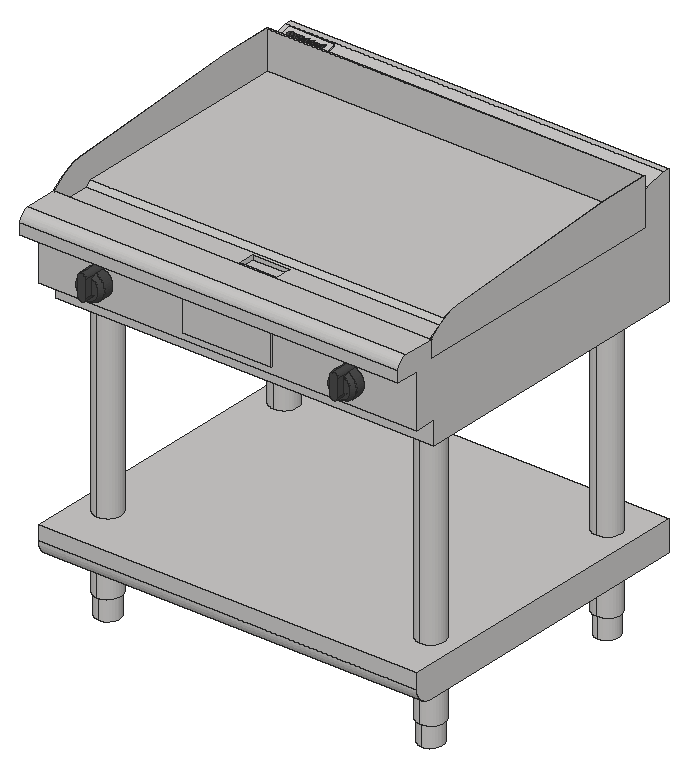
Revit family "QF_MOFFAT WALDORF_GPL8900E-LS", category Specialty Equipment, Revit 2012
Parameters
  Weight in Pounds = 275.5775  # constant formula
  Width [instance] = 900.00 mm  # constant formula
  Watts = 12000 W
  Volts = 415 V
  URL Cutsheet = "www.moffat.com"
  URL = "www.moffat.com"
  Type Mark [instance] = ""
  Status [instance] = ""
  Specification by User [instance] = ""
  Specification by Manufacturer = ""
  Show Logo [instance] = yes
  Show Casters [instance] = no
  Serial Number = ""
  Seismic Rating = ""
  SMACNA No = ""
  Revision Code [instance] = ""
  Phase = 3
  Omniclass Number and Title = ""
  Number of Poles = 1
  NAFEM Spec ID Number = ""
  Model = "GPL8900E-LS"
  Min Ckt Ampacity = 0 A
  Max Overcurrent Protection = 0 A
  Masterspec = ""
  Manufacturer = "MOFFAT WALDORF"
  Legs [instance] = not(Show Casters)  # yes
  Item Number [instance] = ""
  Installed By [instance] = ""
  Identify Quantity as Lot [instance] = yes
  Height = 970.00 mm  # constant formula
  HP = ""
  Furnished By [instance] = ""
  Foodservice Equipment Identifier [instance] = yes
  FL Amps = 16.6 A
  Elec Conn RI Height = 0.00 mm
  Elec Conn Connection Height = 0.00 mm
  Description = "GRIDDLE PLATE LOW SPLASHBACK ELECTRIC ON LEG STAND"
  Depth [instance] = 805.00 mm  # constant formula
  Cycle = 50 Hz
  Conn Plug = ""
  Conn Conduit = yes
  CSI MasterFormat = ""
  CSI Master Format = ""
  Back Splash [instance] = 215.00 mm  # constant formula
  Apparent Power = if(Phase = 3, Volts * FL Amps * 1.73, Volts * FL Amps)  # 11918 VA
Reference planes
  plane 1 "BACK": y = 0
  plane 2: z = 0
  plane 3 "LEFT": x = 0
  plane 4 "RIGHT": x = 900
  plane 5 "FRONT": y = -805
  plane 6 "TOP": z = 970
  plane 7 "Center Y": x = 450
  plane 8 "Center X": y = -402.5
  plane 9 "Base Height": z = 150
  plane 10: z = 915
  plane 11: x = 65
  plane 12: x = 834
  plane 13: y = -625
  plane 14: y = -100
  plane 15: x = 770
  plane 16: y = -32
  plane 17: z = 710
Forms (mm)
  Extrusion 1, solid, material "QF_Finishes_Stainless Steel"
    sketch origin (0, 0, 0) x (0, 1, 0) y (0, 0, 1)
      loop
        line (0, 222.5) -> (-749, 222.5) -> (-749, 188)
        arc (-749, 188) -> (-737.87, 161.13) -> (-711, 150) r 38
        line (-711, 150) -> (0, 150) -> (0, 222.5)
      loop
        line (-805, 891) -> (-805, 866) -> (-749, 866) -> (-749, 740) -> (-699, 740) -> (-699, 685) -> (0, 685) -> (0, 970) -> (-15, 970) -> (-61.106, 957.646)
        arc (-61.106, 957.646) -> (-67.52, 953.36) -> (-70, 946.055) r 12
        line (-70, 946.055) -> (-70, 875) -> (-705, 875) -> (-705, 915) -> (-781, 915)
        arc (-781, 915) -> (-797.971, 907.971) -> (-805, 891) r 24
    from 0 to 900
  Extrusion 2, solid, material "QF_Finishes_Stainless Steel"
    sketch origin (0, -699, 222.5) x (0, -1, 0) y (1, 0, 0)
      loop
        circle (-599, 65) r 31.75
      loop
        circle (-599, 834) r 31.75
      loop
        circle (-74, 65) r 31.75
      loop
        circle (-74, 834) r 31.75
    from 0 to 462.5
  Revolve 3, solid, material "QF_Finishes_Stainless Steel", visible <- "Legs"
    sketch origin (834, -210, 0) x (0, 1, 0) y (0, 0, -1)
      loop
        line (78.25, -150) -> (110, -150) -> (110, 0) -> (82.5, 0) -> (82.5, -50) -> (78.25, -50) -> (78.25, -150)
      axis (110, -150) -> (110, 0)
    angle from 0 to 360
  Revolve 4, solid, material "QF_Finishes_Stainless Steel"
    sketch origin (834, -735, 0) x (0, 1, 0) y (0, 0, -1)
      loop
        line (78.25, -150) -> (110, -150) -> (110, 0) -> (82.5, 0) -> (82.5, -50) -> (78.25, -50) -> (78.25, -150)
      axis (110, -150) -> (110, 0)
    angle from 0 to 360
  Revolve 5, solid, material "QF_Finishes_Stainless Steel", visible <- "Legs"
    sketch origin (65, -210, 0) x (0, 1, 0) y (0, 0, -1)
      loop
        line (78.25, -150) -> (110, -150) -> (110, 0) -> (82.5, 0) -> (82.5, -50) -> (78.25, -50) -> (78.25, -150)
      axis (110, -150) -> (110, 0)
    angle from 0 to 360
  Revolve 6, solid, material "QF_Finishes_Stainless Steel"
    sketch origin (65, -735, 0) x (0, 1, 0) y (0, 0, -1)
      loop
        line (78.25, -150) -> (110, -150) -> (110, 0) -> (82.5, 0) -> (82.5, -50) -> (78.25, -50) -> (78.25, -150)
      axis (110, -150) -> (110, 0)
    angle from 0 to 360
  Revolve 7, solid, material "QF_Finishes_Black"
    sketch origin (150, 0, 602.373) x (0, 1, 0) y (0, 0, -1)
      loop
        line (-782, -229.5) -> (-759, -229.5) -> (-759, -202) -> (-749, -202) -> (-749, -197) -> (-793, -197) -> (-793, -223.651) -> (-782, -229.5)
      axis (-793, -197) -> (-749, -197)
    angle from 0 to 360
  Extrusion 8, solid, material "QF_Finishes_Black"
    sketch origin (288.27, 0, 602.531) x (-1, 0, 0) y (0, 0, -1)
      loop
        arc (148.269, -184.969) -> (138.269, -174.969) -> (128.269, -184.969) r 10
        line (128.269, -184.969) -> (128.269, -223.969)
        arc (128.269, -223.969) -> (138.269, -233.969) -> (148.269, -223.969) r 10
        line (148.269, -223.969) -> (148.269, -184.969)
    from 759 to 808
  Extrusion 9, solid, material "QF_Finishes_Stainless Steel"
    sketch origin (-295, -749, 866) x (0, 0, -1) y (1, 0, 0)
      loop
        line (24, 640) -> (111, 640) -> (111, 850) -> (24, 850) -> (24, 640)
    from 0 to 2.5
  Extrusion 10, solid, material "QF_Finishes_Stainless Steel"
    sketch origin (-295, -751.5, 866) x (0, 0, -1) y (1, 0, 0)
      loop
        line (31, 850) -> (24, 850) -> (24, 640) -> (31, 640) -> (31, 850)
    from 0 to 5
  Extrusion 11, void
    sketch origin (0, -699, 685) x (1, 0, 0) y (0, -1, 0)
      loop
        circle (770, -667) r 13.5
    from 2 to -25
  Revolve 12, solid, material "QF_Finishes_Black"
    sketch origin (750, 0, 602.373) x (0, 1, 0) y (0, 0, 1)
      loop
        line (-782, 229.5) -> (-793, 223.651) -> (-793, 197) -> (-749, 197) -> (-749, 202) -> (-759, 202) -> (-759, 229.5) -> (-782, 229.5)
      axis (-793, 197) -> (-749, 197)
    angle from 0 to 360
  Extrusion 13, solid, material "QF_Finishes_Black"
    sketch origin (611.73, 0, 602.531) x (1, 0, 0) y (0, 0, 1)
      loop
        line (148.269, 184.969) -> (148.269, 223.969)
        arc (148.269, 223.969) -> (138.269, 233.969) -> (128.269, 223.969) r 10
        line (128.269, 223.969) -> (128.269, 184.969)
        arc (128.269, 184.969) -> (138.269, 174.969) -> (148.269, 184.969) r 10
    from 759 to 808
Cuts and joins
  joined: Extrusion 9, Extrusion 10
  Extrusion 11 cuts Extrusion 1
Lines and regions (mm)
  Split face 1
    outline origin (12.5, -17.878, 969.229) x (0, -0.965926, -0.258819) y (1, 0, 0)
      loop
        line (2.411, 151.462) -> (37.194, 151.462) -> (37.194, 169.241) -> (2.411, 169.241) -> (2.411, 151.462)
  Split face 2
    outline origin (66.25, -17.878, 969.229) x (0, -0.965926, -0.258819) y (1, 0, 0)
      loop
        line (2.411, 151.462) -> (37.194, 151.462) -> (37.194, 169.241) -> (2.411, 169.241) -> (2.411, 151.462)
  Split face 3
    outline origin (120, -17.878, 969.229) x (0, -0.965926, -0.258819) y (1, 0, 0)
      loop
        line (2.411, 151.462) -> (37.194, 151.462) -> (37.194, 169.241) -> (2.411, 169.241) -> (2.411, 151.462)
  Split face 4
    outline origin (-121.25, -17.878, 969.229) x (0, -0.965926, -0.258819) y (1, 0, 0)
      loop
        line (2.411, 451.462) -> (37.194, 451.462) -> (37.194, 469.241) -> (2.411, 469.241) -> (2.411, 451.462)
  Split face 5
    outline origin (-67.5, -17.878, 969.229) x (0, -0.965926, -0.258819) y (1, 0, 0)
      loop
        line (2.411, 451.462) -> (37.194, 451.462) -> (37.194, 469.241) -> (2.411, 469.241) -> (2.411, 451.462)
  Split face 6
    outline origin (-13.75, -17.878, 969.229) x (0, -0.965926, -0.258819) y (1, 0, 0)
      loop
        line (2.411, 451.462) -> (37.194, 451.462) -> (37.194, 469.241) -> (2.411, 469.241) -> (2.411, 451.462)
  Split face 7
    outline origin (40, -17.878, 969.229) x (0, -0.965926, -0.258819) y (1, 0, 0)
      loop
        line (2.411, 451.462) -> (37.194, 451.462) -> (37.194, 469.241) -> (2.411, 469.241) -> (2.411, 451.462)
  Split face 8
    outline origin (95, -17.878, 969.229) x (0, -0.965926, -0.258819) y (1, 0, 0)
      loop
        line (2.411, 451.462) -> (37.194, 451.462) -> (37.194, 469.241) -> (2.411, 469.241) -> (2.411, 451.462)
  Split face 9
    outline origin (148.257, -17.878, 969.229) x (0, -0.965926, -0.258819) y (1, 0, 0)
      loop
        line (2.411, 451.462) -> (37.194, 451.462) -> (37.194, 469.241) -> (2.411, 469.241) -> (2.411, 451.462)
  Split face 10
    outline origin (203.257, -17.878, 969.229) x (0, -0.965926, -0.258819) y (1, 0, 0)
      loop
        line (2.411, 451.462) -> (37.194, 451.462) -> (37.194, 469.241) -> (2.411, 469.241) -> (2.411, 451.462)
  Split face 11
    outline origin (256.727, -17.878, 969.229) x (0, -0.965926, -0.258819) y (1, 0, 0)
      loop
        line (2.411, 451.462) -> (37.194, 451.462) -> (37.194, 469.241) -> (2.411, 469.241) -> (2.411, 451.462)
  symbolic lines
    curve 1: line (0, 0, 0) -> (0, -805, 0)
    curve 2: line (900, 0, 0) -> (0, 0, 0)
    curve 3: line (900, -805, 0) -> (900, 0, 0)
    curve 4: line (0, -70, 0) -> (900, -70, 0)
    curve 5: line (0, -805, 0) -> (900, -805, 0)
    curve 6: line (12.5, -20.958, 0) -> (121.5, -20.958, 0)
    curve 7: line (12.5, -51.234, 0) -> (12.5, -20.958, 0)
    curve 8: line (121.5, -20.958, 0) -> (121.5, -51.234, 0)
    curve 9: line (12.5, -51.234, 0) -> (121.5, -51.234, 0)
    curve 10: line (181.741, -20.207, 0) -> (181.741, -53.804, 0)
    curve 11: line (181.741, -53.804, 0) -> (163.962, -53.804, 0)
    curve 12: line (163.962, -53.804, 0) -> (163.962, -20.207, 0)
    curve 13: line (163.962, -20.207, 0) -> (181.741, -20.207, 0)
    curve 14: line (217.712, -53.804, 0) -> (217.712, -20.207, 0)
    curve 15: line (217.712, -20.207, 0) -> (235.491, -20.207, 0)
    curve 16: line (235.491, -20.207, 0) -> (235.491, -53.804, 0)
    curve 17: line (235.491, -53.804, 0) -> (217.712, -53.804, 0)
    curve 18: line (289.241, -53.804, 0) -> (271.462, -53.804, 0)
    curve 19: line (271.462, -53.804, 0) -> (271.462, -20.207, 0)
    curve 20: line (271.462, -20.207, 0) -> (289.241, -20.207, 0)
    curve 21: line (289.241, -20.207, 0) -> (289.241, -53.804, 0)
    curve 22: line (347.991, -53.804, 0) -> (330.212, -53.804, 0)
    curve 23: line (330.212, -53.804, 0) -> (330.212, -20.207, 0)
    curve 24: line (330.212, -20.207, 0) -> (347.991, -20.207, 0)
    curve 25: line (347.991, -20.207, 0) -> (347.991, -53.804, 0)
    curve 26: line (401.741, -53.804, 0) -> (383.962, -53.804, 0)
    curve 27: line (383.962, -53.804, 0) -> (383.962, -20.207, 0)
    curve 28: line (383.962, -20.207, 0) -> (401.741, -20.207, 0)
    curve 29: line (401.741, -20.207, 0) -> (401.741, -53.804, 0)
    curve 30: line (455.491, -20.207, 0) -> (437.712, -20.207, 0)
    curve 31: line (437.712, -20.207, 0) -> (437.712, -53.804, 0)
    curve 32: line (437.712, -53.804, 0) -> (455.491, -53.804, 0)
    curve 33: line (455.491, -53.804, 0) -> (455.491, -20.207, 0)
    curve 34: line (491.462, -20.207, 0) -> (509.241, -20.207, 0)
    curve 35: line (509.241, -20.207, 0) -> (509.241, -53.804, 0)
    curve 36: line (509.241, -53.804, 0) -> (491.462, -53.804, 0)
    curve 37: line (491.462, -53.804, 0) -> (491.462, -20.207, 0)
    curve 38: line (546.462, -20.207, 0) -> (564.241, -20.207, 0)
    curve 39: line (564.241, -20.207, 0) -> (564.241, -53.804, 0)
    curve 40: line (564.241, -53.804, 0) -> (546.462, -53.804, 0)
    curve 41: line (546.462, -53.804, 0) -> (546.462, -20.207, 0)
    curve 42: line (617.498, -20.207, 0) -> (599.719, -20.207, 0)
    curve 43: line (599.719, -20.207, 0) -> (599.719, -53.804, 0)
    curve 44: line (599.719, -53.804, 0) -> (617.498, -53.804, 0)
    curve 45: line (617.498, -53.804, 0) -> (617.498, -20.207, 0)
    curve 46: line (672.498, -20.207, 0) -> (654.719, -20.207, 0)
    curve 47: line (654.719, -20.207, 0) -> (654.719, -53.804, 0)
    curve 48: line (654.719, -53.804, 0) -> (672.498, -53.804, 0)
    curve 49: line (672.498, -53.804, 0) -> (672.498, -20.207, 0)
    curve 50: line (725.968, -20.207, 0) -> (725.968, -53.804, 0)
    curve 51: line (725.968, -53.804, 0) -> (708.189, -53.804, 0)
    curve 52: line (708.189, -53.804, 0) -> (708.189, -20.207, 0)
    curve 53: line (708.189, -20.207, 0) -> (725.968, -20.207, 0)
Dimensions and locks
  equal spacing: plane 3 "LEFT", plane 7 "Center Y", plane 4 "RIGHT"
  "Width": plane 3 "LEFT" to plane 4 "RIGHT"
  equal spacing: plane 5 "FRONT", plane 8 "Center X", plane 1 "BACK"
  "Depth": plane 5 "FRONT" to plane 1 "BACK"
  locked: plane 10 to level at 915
  locked: plane 9 "Base Height" to level at 150
  nested 1 to plane 6 "TOP" to nested 1 to plane 10 = 0.283 mm locked, 8.727 mm locked, 46.273 mm locked
  plane 13 to plane 14 = 525.00 mm
  plane 12 to plane 11 = 769.00 mm
  "Height": plane 6 "TOP" to level
  plane 15 to plane 4 "RIGHT" = 130.00 mm
  plane 16 to plane 1 "BACK" = 32.00 mm
  plane 17 to level = 710.00 mm
  aligned and locked: level to plane 2
Automatic sketch dimensions
  plane 1 "BACK" to curve 1 = 0.00 mm
  curve 1 to plane 3 "LEFT" = 0.00 mm
  curve 2 to plane 4 "RIGHT" = 0.00 mm
  plane 5 "FRONT" to curve 1 = 0.00 mm
  plane 3 "LEFT" to curve 9 = 12.50 mm
  curve 9 to plane 16 = 19.234 mm
  plane 11 to curve 9 = 56.50 mm
  plane 16 to curve 12 = 11.793 mm
  curve 6 to curve 12 = 42.462 mm
  curve 12 to curve 10 = 17.779 mm
  plane 16 to curve 15 = 11.793 mm
  curve 10 to curve 15 = 35.971 mm
  curve 14 to curve 17 = 17.779 mm
  curve 4 to curve 7 = 18.766 mm
  curve 17 to plane 16 = 21.804 mm
  curve 12 to plane 16 = 21.804 mm
  plane 16 to curve 8 = 11.042 mm
  Extrusion 1 sketch curve to plane 5 "FRONT" = 0.00 mm
  Extrusion 1 sketch curve to plane 10 = 0.00 mm
  Extrusion 1 sketch curve to plane 9 "Base Height" = 0.00 mm
  Extrusion 1 sketch curve to plane 6 "TOP" = 0.00 mm
  Extrusion 1 sketch curve to plane 1 "BACK" = 0.00 mm  (x2)
  Extrusion 1 sketch curve to plane 5 "FRONT" = 24.00 mm
  Extrusion 1 sketch curve to plane 5 "FRONT" = 56.00 mm  (x2)
  Extrusion 1 sketch curve to Extrusion 1 sketch curve = 38.00 mm
  Extrusion 1 sketch curve to Extrusion 1 sketch curve = 44.00 mm
  Extrusion 1 sketch curve to Extrusion 1 sketch curve = 50.00 mm
  plane 14 to Extrusion 1 sketch curve = 30.00 mm
  Extrusion 1 sketch curve to Extrusion 1 sketch curve = 8.894 mm
  Extrusion 1 sketch curve to Extrusion 1 sketch curve = 3.106 mm
  plane 1 "BACK" to Extrusion 1 sketch curve = 15.00 mm
  Extrusion 1 sketch curve to Extrusion 1 sketch curve = 72.50 mm
  Extrusion 1 sketch curve to Extrusion 1 sketch curve = 55.00 mm
  Extrusion 1 sketch curve to Extrusion 1 sketch curve = 25.00 mm
  Extrusion 1 sketch curve to plane 10 = 40.00 mm
  Extrusion 1 sketch curve to plane 6 "TOP" = 23.945 mm
  Extrusion 2 sketch curve to Extrusion 2 sketch curve = 0.00 mm  (x8)
  Extrusion 1 to Extrusion 2 sketch curve = 68.25 mm  (x2)
  Extrusion 2 sketch curve to Extrusion 2 sketch curve = 31.75 mm  (x4)
  Extrusion 1 to Extrusion 2 sketch curve = 155.75 mm  (x2)
  Extrusion 1 to Extrusion 2 sketch curve = 65.00 mm  (x2)
  Extrusion 1 to Extrusion 2 sketch curve = 66.00 mm  (x2)
  Revolve 3 sketch curve to plane 9 "Base Height" = 0.00 mm
  Revolve 3 sketch curve to level = 0.00 mm
  Revolve 3 sketch curve to plane 14 = 0.00 mm  (x2)
  Revolve 3 sketch curve to plane 14 = 27.50 mm
  Revolve 3 sketch curve to plane 14 = 31.75 mm
  level to Revolve 3 sketch curve = 50.00 mm
  Revolve 3 sketch curve to Revolve 3 sketch curve = 0.00 mm
  Revolve 3 sketch curve to Revolve 3 sketch curve = 55.00 mm
  Revolve 4 sketch curve to plane 9 "Base Height" = 0.00 mm
  Revolve 4 sketch curve to level = 0.00 mm
  Revolve 4 sketch curve to plane 13 = 0.00 mm  (x2)
  Revolve 4 sketch curve to plane 13 = 27.50 mm
  Revolve 4 sketch curve to plane 13 = 31.75 mm
  level to Revolve 4 sketch curve = 50.00 mm
  Revolve 4 sketch curve to Revolve 4 sketch curve = 0.00 mm
  Revolve 4 sketch curve to Revolve 4 sketch curve = 55.00 mm
  Revolve 5 sketch curve to plane 9 "Base Height" = 0.00 mm
  Revolve 5 sketch curve to level = 0.00 mm
  Revolve 5 sketch curve to plane 14 = 0.00 mm  (x2)
  Revolve 5 sketch curve to plane 14 = 27.50 mm
  Revolve 5 sketch curve to plane 14 = 31.75 mm
  level to Revolve 5 sketch curve = 50.00 mm
  Revolve 5 sketch curve to Revolve 5 sketch curve = 0.00 mm
  Revolve 5 sketch curve to Revolve 5 sketch curve = 55.00 mm
  Revolve 6 sketch curve to plane 9 "Base Height" = 0.00 mm
  Revolve 6 sketch curve to level = 0.00 mm
  Revolve 6 sketch curve to plane 13 = 0.00 mm  (x2)
  Revolve 6 sketch curve to plane 13 = 27.50 mm
  Revolve 6 sketch curve to plane 13 = 31.75 mm
  level to Revolve 6 sketch curve = 50.00 mm
  Revolve 6 sketch curve to Revolve 6 sketch curve = 0.00 mm
  Revolve 6 sketch curve to Revolve 6 sketch curve = 55.00 mm
  Extrusion 1 to Split face 1 sketch curve = 5.391 mm
  Split face 1 sketch curve to Extrusion 1 = 7.559 mm
  Split face 1 sketch curve to Extrusion 1 = 163.962 mm
  Split face 1 sketch curve to Split face 1 sketch curve = 17.779 mm
  Extrusion 1 to Split face 2 sketch curve = 5.391 mm
  Split face 2 sketch curve to Extrusion 1 = 7.559 mm
  Split face 2 sketch curve to Extrusion 1 = 217.712 mm
  Split face 2 sketch curve to Split face 2 sketch curve = 17.779 mm
  Extrusion 1 to Split face 3 sketch curve = 5.391 mm
  Split face 3 sketch curve to Extrusion 1 = 7.559 mm
  Split face 3 sketch curve to Extrusion 1 = 271.462 mm
  Split face 3 sketch curve to Split face 3 sketch curve = 17.779 mm
  Extrusion 1 to Split face 4 sketch curve = 5.391 mm
  Split face 4 sketch curve to Extrusion 1 = 7.559 mm
  Split face 4 sketch curve to Extrusion 1 = 330.212 mm
  Split face 4 sketch curve to Split face 4 sketch curve = 17.779 mm
  Extrusion 1 to Split face 5 sketch curve = 5.391 mm
  Split face 5 sketch curve to Extrusion 1 = 7.559 mm
  Split face 5 sketch curve to Extrusion 1 = 383.962 mm
  Split face 5 sketch curve to Split face 5 sketch curve = 17.779 mm
  Extrusion 1 to Split face 6 sketch curve = 5.391 mm
  Split face 6 sketch curve to Extrusion 1 = 7.559 mm
  Split face 6 sketch curve to Extrusion 1 = 437.712 mm
  Split face 6 sketch curve to Split face 6 sketch curve = 17.779 mm
  Extrusion 1 to Split face 7 sketch curve = 5.391 mm
  Split face 7 sketch curve to Extrusion 1 = 7.559 mm
  Split face 7 sketch curve to Extrusion 1 = 408.538 mm
  Split face 7 sketch curve to Split face 7 sketch curve = 17.779 mm
  Revolve 7 sketch curve to plane 5 "FRONT" = 12.00 mm
  Revolve 7 sketch curve to Revolve 7 sketch curve = 0.00 mm  (x2)
  Revolve 7 sketch curve to Revolve 7 sketch curve = 11.00 mm
  Revolve 7 sketch curve to Revolve 7 sketch curve = 12.70 mm
  Revolve 7 sketch curve to Revolve 7 sketch curve = 23.00 mm
  Revolve 7 sketch curve to Revolve 7 sketch curve = 10.00 mm
  Revolve 7 sketch curve to plane 10 = 83.127 mm
  Revolve 7 sketch curve to Revolve 7 sketch curve = 5.849 mm
  Revolve 7 sketch curve to Revolve 7 sketch curve = 27.50 mm
  Revolve 7 sketch curve to Revolve 7 sketch curve = 5.00 mm
  plane 11 to Extrusion 8 sketch curve = 95.001 mm
  Extrusion 8 sketch curve to Extrusion 8 sketch curve = 10.00 mm
  Extrusion 8 sketch curve to plane 10 = 88.50 mm
  Extrusion 8 sketch curve to Extrusion 8 sketch curve = 39.00 mm
  Extrusion 1 to Extrusion 9 sketch curve = 24.00 mm
  Extrusion 9 sketch curve to Extrusion 1 = 15.00 mm
  Extrusion 1 to Extrusion 9 sketch curve = 345.00 mm
  Extrusion 9 sketch curve to Extrusion 9 sketch curve = 210.00 mm
  Extrusion 10 sketch curve to Extrusion 9 = 0.00 mm  (x2)
  Extrusion 9 to Extrusion 10 sketch curve = 0.00 mm
  Extrusion 10 sketch curve to Extrusion 9 = 7.00 mm
  Extrusion 11 sketch curve to Extrusion 1 = 32.00 mm
  Extrusion 11 sketch curve to Extrusion 1 = 130.00 mm
  Revolve 12 sketch curve to plane 5 "FRONT" = 12.00 mm
  Revolve 12 sketch curve to Revolve 12 sketch curve = 0.00 mm  (x2)
  Revolve 12 sketch curve to Revolve 12 sketch curve = 11.00 mm
  Revolve 12 sketch curve to Revolve 12 sketch curve = 12.70 mm
  Revolve 12 sketch curve to Revolve 12 sketch curve = 23.00 mm
  Revolve 12 sketch curve to Revolve 12 sketch curve = 10.00 mm
  Revolve 12 sketch curve to plane 10 = 115.627 mm
  Revolve 12 sketch curve to Revolve 12 sketch curve = 5.00 mm
  Revolve 12 sketch curve to Revolve 12 sketch curve = 26.651 mm
  Revolve 12 sketch curve to Revolve 12 sketch curve = 5.849 mm
  Extrusion 13 sketch curve to plane 15 = 30.001 mm
  Extrusion 13 sketch curve to Extrusion 13 sketch curve = 10.00 mm
  Extrusion 13 sketch curve to plane 10 = 127.50 mm
  Extrusion 13 sketch curve to Extrusion 13 sketch curve = 39.00 mm
  Extrusion 1 to Split face 8 sketch curve = 5.391 mm
  Split face 8 sketch curve to Extrusion 1 = 7.559 mm
  Split face 8 sketch curve to Extrusion 1 = 353.538 mm
  Split face 8 sketch curve to Split face 8 sketch curve = 17.779 mm
  Extrusion 1 to Split face 9 sketch curve = 5.391 mm
  Split face 9 sketch curve to Extrusion 1 = 7.559 mm
  Split face 9 sketch curve to Extrusion 1 = 300.281 mm
  Split face 9 sketch curve to Split face 9 sketch curve = 17.779 mm
  Extrusion 1 to Split face 10 sketch curve = 5.391 mm
  Split face 10 sketch curve to Extrusion 1 = 7.559 mm
  Split face 10 sketch curve to Extrusion 1 = 245.281 mm
  Split face 10 sketch curve to Split face 10 sketch curve = 17.779 mm
  Extrusion 1 to Split face 11 sketch curve = 5.391 mm
  Split face 11 sketch curve to Extrusion 1 = 7.559 mm
  Split face 11 sketch curve to Extrusion 1 = 191.811 mm
  Split face 11 sketch curve to Split face 11 sketch curve = 17.779 mm
  plane 16 to curve 19 = 11.793 mm
  curve 15 to curve 19 = 35.971 mm
  curve 18 to curve 18 = 17.779 mm
  curve 18 to plane 16 = 21.804 mm
  plane 16 to curve 24 = 11.793 mm
  curve 20 to curve 24 = 40.971 mm
  curve 22 to curve 22 = 17.779 mm
  curve 22 to plane 16 = 21.804 mm
  plane 16 to curve 28 = 11.793 mm
  curve 24 to curve 28 = 35.971 mm
  curve 26 to curve 26 = 17.779 mm
  curve 26 to plane 16 = 21.804 mm
  curve 32 to plane 7 "Center Y" = 12.288 mm
  plane 7 "Center Y" to curve 30 = 5.491 mm
  curve 32 to plane 16 = 21.804 mm
  plane 16 to curve 33 = 11.793 mm
  curve 32 to curve 36 = 35.971 mm
  curve 36 to curve 36 = 17.779 mm
  curve 36 to plane 16 = 21.804 mm
  plane 16 to curve 37 = 11.793 mm
  curve 35 to curve 40 = 37.221 mm
  curve 40 to curve 40 = 17.779 mm
  curve 40 to plane 16 = 21.804 mm
  plane 16 to curve 41 = 11.793 mm
  plane 16 to curve 42 = 11.793 mm
  curve 38 to curve 42 = 35.478 mm
  curve 42 to curve 42 = 17.779 mm
  curve 44 to plane 16 = 21.804 mm
  plane 16 to curve 46 = 11.793 mm
  curve 42 to curve 46 = 37.221 mm
  curve 46 to curve 46 = 17.779 mm
  curve 48 to plane 16 = 21.804 mm
  curve 48 to curve 51 = 35.691 mm
  curve 51 to curve 50 = 17.779 mm
  curve 51 to plane 16 = 21.804 mm
  plane 16 to curve 52 = 11.793 mm
  Extrusion 1 sketch curve to Extrusion 1 sketch curve = 190.00 mm
  radius of Extrusion 11 sketch curve = 13.50 mm
Nested families
  nested 1: "WALDORF-LOGO" at (12.5, -35.273, 948.036), visible <- "Show Logo", type "WALDORF-LOGO", detail levels medium+fine
    with Type Mark "", Status "", Specification by User "", Revision Code "", Item Number "", Installed By "", Identify Quantity as Lot yes, Furnished By "", Foodservice Equipment Identifier yes
  nested 2: "GPL8900E-LS-CASTERS" at (65, -127.5, 0), Show Casters <- "Show Casters", visible <- "Show Casters", type "GPL8900E-LS-CASTERS"
    with Type Mark "", Status "", Specification by User "", Show Casters no, Revision Code "", Item Number "", Installed By "", Identify Quantity as Lot yes, Furnished By "", Foodservice Equipment Identifier yes
  nested 3: "GPL8900E-LS-CASTERS" at (835, -127.5, 0), Show Casters <- "Show Casters", visible <- "Show Casters", type "GPL8900E-LS-CASTERS"
    with Type Mark "", Status "", Specification by User "", Show Casters no, Revision Code "", Item Number "", Installed By "", Identify Quantity as Lot yes, Furnished By "", Foodservice Equipment Identifier yes
  nested 4: "GAS GRIDDLE PLATE" at (0, -70, 874.5), type "GAS GRIDDLE PLATE"
    with Type Mark "", Status "", Specification by User "", Show Clearance yes, Revision Code "", Item Number "", Installed By "", Identify Quantity as Lot yes, Furnished By "", Foodservice Equipment Identifier yes
Connectors
  electrical at (770, -32, 710), driven by "Volts", driven by "Watts"
    settings: on cut or joined group of Extrusion 1, Extrusion 11, index 1, voltage 415 V, apparent load 12000 VA, apparent load phase1 0 VA, apparent load phase2 0 VA, apparent load phase3 0 VA, power factor 1, load classification "Other", number of poles 1, system type 30, power factor state 1, is connector primary yes, connector utility no, sub classification motor no, connector description "ELECTRICAL CONNECTION"
Definition of nested family "WALDORF-LOGO"
  Parameters (values of type "WALDORF-LOGO")
    Weight in Pounds = 0
    URL Cutsheet = ""
    Type Mark [instance] = ""
    Status [instance] = ""
    Specification by User [instance] = ""
    Specification by Manufacturer = ""
    Show Logo [instance] = yes
    Serial Number = ""
    Seismic Rating = ""
    SMACNA No = ""
    Revision Code [instance] = ""
    Omniclass Number and Title = ""
    NAFEM Spec ID Number = ""
    Masterspec = ""
    Item Number [instance] = ""
    Installed By [instance] = ""
    Identify Quantity as Lot [instance] = yes
    Furnished By [instance] = ""
    Foodservice Equipment Identifier [instance] = yes
    CSI MasterFormat = ""
    CSI Master Format = ""
  Reference planes
    plane 1 "BACK": y = 0
    plane 2: z = 0
    plane 3 "LEFT": x = 0
    plane 4 "RIGHT": x = 109
    plane 5 "FRONT": y = -1.588
    plane 6 "TOP": z = 34.14
    plane 7 "Center Y": x = 54.5
    plane 8 "Center X": y = -0.794
  Forms (mm)
    Extrusion 1, solid, material "QF_Finishes_Stainless Steel", visible <- "Show Logo"
      sketch origin (0, -16.844, 11.705) x (1, 0, 0) y (0, 0.964546, 0.263916)
        loop
          arc (5, 34.14) -> (1.464, 32.676) -> (0, 29.14) r 5
          line (0, 29.14) -> (0, 5)
          arc (0, 5) -> (1.464, 1.464) -> (5, 0) r 5
          line (5, 0) -> (104, 0)
          arc (104, 0) -> (107.536, 1.464) -> (109, 5) r 5
          line (109, 5) -> (109, 29.14)
          arc (109, 29.14) -> (107.536, 32.676) -> (104, 34.14) r 5
          line (104, 34.14) -> (5, 34.14)
      from 0 to 1.588
    Extrusion 2, solid, material "QF_Finishes_Black", visible <- "Show Logo"
      sketch origin (0, -17.263, 13.237) x (1, 0, 0) y (0, 0.964546, 0.263916)
        loop
          line (24.772, 23.214) -> (27.992, 10.301) -> (31.551, 10.301) -> (33.443, 17.364) -> (35.205, 10.301) -> (39.332, 10.301) -> (42.077, 23.214) -> (38.352, 23.214) -> (36.676, 15.33) -> (35, 23.214) -> (31.752, 23.214) -> (30.076, 15.33) -> (28.4, 23.214) -> (24.772, 23.214)
        loop
          line (42.272, 17.055) -> (45.703, 17.055)
          spline (45.703, 17.055) -> (45.741, 17.285) -> (45.852, 17.499) -> (46.028, 17.682) -> (46.258, 17.823) -> (46.526, 17.912) -> (46.813, 17.942) -> (47.1, 17.912) -> (47.368, 17.823) -> (47.597, 17.682) -> (47.774, 17.499) -> (47.884, 17.285) -> (47.922, 17.055)
          line (47.922, 17.055) -> (47.922, 16.222)
          arc (47.922, 16.222) -> (45.742, 16.014) -> (43.665, 15.317) r 9.604
          arc (43.665, 15.317) -> (41.924, 12.809) -> (43.665, 10.301) r 2.677
          arc (43.665, 10.301) -> (45.527, 10.353) -> (47.332, 10.816) r 8.365
          line (47.332, 10.816) -> (48.092, 11.105) -> (48.092, 10.301) -> (51.817, 10.301) -> (51.817, 17.055)
          spline (51.817, 17.055) -> (51.654, 17.821) -> (51.178, 18.535) -> (50.419, 19.148) -> (49.431, 19.619) -> (48.28, 19.914) -> (47.044, 20.015) -> (45.809, 19.914) -> (44.658, 19.619) -> (43.67, 19.148) -> (42.911, 18.535) -> (42.434, 17.821) -> (42.272, 17.055)
        loop
          line (53.151, 23.214) -> (53.151, 10.301) -> (57.37, 10.301) -> (57.37, 23.214) -> (53.151, 23.214)
        loop
          line (64.874, 23.214) -> (64.874, 18.857)
          arc (64.874, 18.857) -> (58.083, 15.11) -> (64.874, 11.363) r 4.429
          line (64.874, 11.363) -> (64.874, 10.301) -> (68.378, 10.301) -> (68.378, 23.214) -> (64.874, 23.214)
        loop
          arc (64.874, 16.083) -> (61.41, 14.987) -> (64.874, 13.891) r 1.905
          line (64.874, 13.891) -> (64.874, 16.083)
        loop
          circle (74.623, 15.223) r 5
        loop
          spline (74.623, 17.856) -> (74.355, 17.766) -> (74.105, 17.503) -> (73.891, 17.084) -> (73.726, 16.539) -> (73.623, 15.904) -> (73.588, 15.223) -> (73.623, 14.541) -> (73.726, 13.906) -> (73.891, 13.361) -> (74.105, 12.942) -> (74.355, 12.679) -> (74.623, 12.59)
          spline (74.623, 12.59) -> (74.891, 12.679) -> (75.141, 12.942) -> (75.355, 13.361) -> (75.52, 13.906) -> (75.623, 14.541) -> (75.659, 15.223) -> (75.623, 15.904) -> (75.52, 16.539) -> (75.355, 17.084) -> (75.141, 17.503) -> (74.891, 17.766) -> (74.623, 17.856)
        loop
          line (81.255, 19.813) -> (81.255, 10.301) -> (84.834, 10.301) -> (84.834, 14.176)
          arc (84.834, 14.176) -> (85.854, 16.093) -> (88.013, 16.32) r 2.313
          line (88.013, 16.32) -> (88.013, 19.813) -> (87.161, 19.813)
          arc (87.161, 19.813) -> (85.526, 19.266) -> (84.549, 17.844) r 2.717
          line (84.549, 17.844) -> (84.549, 19.813) -> (81.255, 19.813)
        loop
          line (90.249, 19.813) -> (88.91, 19.813) -> (88.91, 17.614) -> (90.249, 17.614) -> (90.249, 10.301) -> (93.998, 10.301) -> (93.998, 17.614) -> (95.418, 17.614) -> (95.418, 19.813) -> (93.998, 19.813)
          arc (93.998, 19.813) -> (94.414, 20.817) -> (95.418, 21.233) r 1.42
          line (95.418, 21.233) -> (95.418, 23.602) -> (93.317, 23.602)
          arc (93.317, 23.602) -> (91.343, 22.903) -> (90.249, 21.118) r 3.137
          line (90.249, 21.118) -> (90.249, 19.813)
        loop
          arc (15.241, 23.571) -> (8.392, 16.525) -> (15.241, 9.479) r 7.049
          line (15.241, 9.479) -> (15.241, 23.571)
        loop
          line (15.641, 23.571) -> (15.641, 9.479)
          arc (15.641, 9.479) -> (22.49, 16.525) -> (15.641, 23.571) r 7.049
        loop
          arc (47.922, 14.711) -> (46.266, 13.749) -> (47.922, 12.787) r 1.107
          line (47.922, 12.787) -> (47.922, 14.711)
      from 0 to 0.2
  Dimensions and locks
    equal spacing: plane 3 "LEFT", plane 7 "Center Y", plane 4 "RIGHT"
    plane 3 "LEFT" to plane 4 "RIGHT" = 109.00 mm
    equal spacing: plane 5 "FRONT", plane 8 "Center X", plane 1 "BACK"
    plane 5 "FRONT" to plane 1 "BACK" = 1.588 mm
    aligned and locked: level to plane 2
  Automatic sketch dimensions
    Extrusion 1 sketch curve to plane 3 "LEFT" = 0.00 mm
    Extrusion 1 sketch curve to plane 4 "RIGHT" = 0.00 mm
    plane 3 "LEFT" to Extrusion 1 sketch curve = 5.00 mm  (x2)
    plane 4 "RIGHT" to Extrusion 1 sketch curve = 5.00 mm
    Extrusion 1 sketch curve to Extrusion 1 sketch curve = 5.00 mm
    Extrusion 1 sketch curve to Extrusion 1 sketch curve = 24.14 mm
    Extrusion 2 sketch curve to Extrusion 2 sketch curve = 0.00 mm  (x14)
    Extrusion 2 sketch curve to Extrusion 1 = 15.241 mm
    Extrusion 2 sketch curve to Extrusion 2 sketch curve = 0.20 mm
    Extrusion 2 sketch curve to Extrusion 2 sketch curve = 0.40 mm
    Extrusion 2 sketch curve to Extrusion 2 sketch curve = 9.131 mm
    Extrusion 2 sketch curve to Extrusion 1 = 10.301 mm  (x2)
    Extrusion 2 sketch curve to Extrusion 2 sketch curve = 12.351 mm
    Extrusion 2 sketch curve to Extrusion 2 sketch curve = 3.628 mm
    Extrusion 2 sketch curve to Extrusion 2 sketch curve = 2.084 mm
    Extrusion 2 sketch curve to Extrusion 2 sketch curve = 3.559 mm
    Extrusion 2 sketch curve to Extrusion 1 = 10.926 mm  (x2)
    Extrusion 2 sketch curve to Extrusion 2 sketch curve = 3.352 mm  (x2)
    Extrusion 2 sketch curve to Extrusion 2 sketch curve = 3.367 mm
    Extrusion 2 sketch curve to Extrusion 2 sketch curve = 3.249 mm
    Extrusion 2 sketch curve to Extrusion 2 sketch curve = 3.654 mm
    Extrusion 2 sketch curve to Extrusion 1 = 15.33 mm
    Extrusion 2 sketch curve to Extrusion 2 sketch curve = 3.233 mm
    Extrusion 2 sketch curve to Extrusion 2 sketch curve = 4.128 mm
    Extrusion 2 sketch curve to Extrusion 2 sketch curve = 3.725 mm
    Extrusion 2 sketch curve to Extrusion 2 sketch curve = 5.596 mm
    Extrusion 2 sketch curve to Extrusion 2 sketch curve = 4.333 mm
    Extrusion 2 sketch curve to Extrusion 2 sketch curve = 1.394 mm
    Extrusion 2 sketch curve to Extrusion 2 sketch curve = 2.092 mm
    Extrusion 2 sketch curve to Extrusion 2 sketch curve = 0.936 mm
    Extrusion 2 sketch curve to Extrusion 2 sketch curve = 1.34 mm
    Extrusion 2 sketch curve to Extrusion 2 sketch curve = 1.109 mm
    Extrusion 2 sketch curve to Extrusion 2 sketch curve = 0.232 mm
    Extrusion 2 sketch curve to Extrusion 2 sketch curve = 2.731 mm
    Extrusion 2 sketch curve to Extrusion 2 sketch curve = 0.549 mm  (x2)
    Extrusion 2 sketch curve to Extrusion 2 sketch curve = 0.407 mm
    Extrusion 2 sketch curve to Extrusion 2 sketch curve = 0.76 mm
    Extrusion 2 sketch curve to Extrusion 2 sketch curve = 1.334 mm
    Extrusion 2 sketch curve to Extrusion 2 sketch curve = 4.219 mm
    Extrusion 2 sketch curve to Extrusion 2 sketch curve = 5.142 mm
    Extrusion 2 sketch curve to Extrusion 2 sketch curve = 0.803 mm
    Extrusion 2 sketch curve to Extrusion 2 sketch curve = 1.558 mm
    Extrusion 2 sketch curve to Extrusion 2 sketch curve = 3.504 mm
    Extrusion 2 sketch curve to Extrusion 2 sketch curve = 6.245 mm
    Extrusion 2 sketch curve to Extrusion 2 sketch curve = 6.632 mm
    Extrusion 2 sketch curve to Extrusion 2 sketch curve = 3.294 mm
    Extrusion 2 sketch curve to Extrusion 2 sketch curve = 3.579 mm
    Extrusion 2 sketch curve to Extrusion 2 sketch curve = 2.313 mm
    Extrusion 2 sketch curve to Extrusion 2 sketch curve = 2.612 mm
    Extrusion 2 sketch curve to Extrusion 2 sketch curve = 0.852 mm
    Extrusion 2 sketch curve to Extrusion 2 sketch curve = 0.897 mm
    Extrusion 2 sketch curve to Extrusion 2 sketch curve = 3.102 mm
    Extrusion 2 sketch curve to Extrusion 2 sketch curve = 1.338 mm
    Extrusion 2 sketch curve to Extrusion 2 sketch curve = 3.068 mm
    Extrusion 2 sketch curve to Extrusion 2 sketch curve = 0.681 mm
    Extrusion 2 sketch curve to Extrusion 2 sketch curve = 3.749 mm
    Extrusion 2 sketch curve to Extrusion 2 sketch curve = 1.42 mm
    Extrusion 2 sketch curve to Extrusion 2 sketch curve = 5.029 mm  (x2)
    Extrusion 2 sketch curve to Extrusion 1 = 9.479 mm
    Extrusion 2 sketch curve to Extrusion 2 sketch curve = 3.681 mm
    Extrusion 2 sketch curve to Extrusion 2 sketch curve = 0.515 mm
    Extrusion 2 sketch curve to Extrusion 2 sketch curve = 0.804 mm
    Extrusion 2 sketch curve to Extrusion 2 sketch curve = 1.062 mm
    Extrusion 2 sketch curve to Extrusion 2 sketch curve = 1.682 mm
    Extrusion 2 sketch curve to Extrusion 2 sketch curve = 2.508 mm
    Extrusion 2 sketch curve to Extrusion 2 sketch curve = 0.962 mm
    Extrusion 2 sketch curve to Extrusion 2 sketch curve = 2.528 mm
    Extrusion 2 sketch curve to Extrusion 2 sketch curve = 3.875 mm
    Extrusion 2 sketch curve to Extrusion 2 sketch curve = 1.096 mm
    Extrusion 2 sketch curve to Extrusion 2 sketch curve = 0.123 mm
    Extrusion 2 sketch curve to Extrusion 2 sketch curve = 4.922 mm
    Extrusion 2 sketch curve to Extrusion 2 sketch curve = 7.046 mm
    Extrusion 2 sketch curve to Extrusion 2 sketch curve = 0.833 mm
    Extrusion 2 sketch curve to Extrusion 2 sketch curve = 0.776 mm
    Extrusion 2 sketch curve to Extrusion 2 sketch curve = 2.034 mm
    Extrusion 2 sketch curve to Extrusion 2 sketch curve = 7.314 mm
    Extrusion 2 sketch curve to Extrusion 2 sketch curve = 1.295 mm
    Extrusion 2 sketch curve to Extrusion 2 sketch curve = 0.749 mm
    Extrusion 2 sketch curve to Extrusion 2 sketch curve = 2.633 mm
    Extrusion 2 sketch curve to Extrusion 2 sketch curve = 2.198 mm  (x2)
    Extrusion 2 sketch curve to Extrusion 2 sketch curve = 1.968 mm
    Extrusion 2 sketch curve to Extrusion 2 sketch curve = 0.653 mm
    Extrusion 2 sketch curve to Extrusion 2 sketch curve = 1.305 mm
    Extrusion 2 sketch curve to Extrusion 2 sketch curve = 4.357 mm
    Extrusion 2 sketch curve to Extrusion 2 sketch curve = 6.159 mm
    radius of Extrusion 2 sketch curve = 5.00 mm
Definition of nested family "GAS GRIDDLE PLATE"
  Parameters (values of type "GAS GRIDDLE PLATE")
    Weight in Pounds = 0
    URL Cutsheet = ""
    Type Mark [instance] = ""
    Status [instance] = ""
    Specification by User [instance] = ""
    Specification by Manufacturer = ""
    Show Clearance [instance] = yes
    Serial Number = ""
    Seismic Rating = ""
    SMACNA No = ""
    Revision Code [instance] = ""
    Omniclass Number and Title = ""
    NAFEM Spec ID Number = ""
    Masterspec = ""
    Item Number [instance] = ""
    Installed By [instance] = ""
    Identify Quantity as Lot [instance] = yes
    Furnished By [instance] = ""
    Foodservice Equipment Identifier [instance] = yes
    CSI MasterFormat = ""
    CSI Master Format = ""
  Reference planes
    plane 1 "BACK": y = 0
    plane 2: z = 0
    plane 3 "LEFT": x = 0
    plane 4 "RIGHT": x = 900
    plane 5 "FRONT": y = -634.4
    plane 6 "TOP": z = 142.5
    plane 7 "Center Y": x = 450
    plane 8 "Center X": y = -317.2
  Forms (mm)
    Extrusion 1, solid, material "QF_Finishes_Stainless Steel"
      sketch origin (0, 70.003, -874.5) x (0, 1, 0) y (0, 0, 1)
        loop
          line (-70, 875) -> (-70, 984.5) -> (-191.003, 984.5) -> (-626.368, 954.056)
          arc (-626.368, 954.056) -> (-652.773, 948.564) -> (-676.75, 936.215) r 100
          line (-676.75, 936.215) -> (-704.403, 916.852) -> (-704.403, 875) -> (-70, 875)
      from 0 to 1.8
    Extrusion 2, solid, material "QF_Finishes_Stainless Steel"
      sketch origin (150, 70.003, -874.5) x (0, 1, 0) y (0, 0, 1)
        loop
          line (-70, 895) -> (-601, 895) -> (-611.5, 884.5) -> (-704.403, 884.5) -> (-704.403, 875) -> (-70, 875) -> (-70, 895)
      from -148.2 to 748.2
    Extrusion 3, void
      sketch origin (-218.85, -541.497, 10) x (0, -1, 0) y (1, 0, 0)
        loop
          line (10, 713.7) -> (10, 625.2) -> (48.5, 625.2) -> (48.5, 713.7) -> (10, 713.7)
      from -41.4 to 40.142
    Extrusion 4, solid, material "QF_Finishes_Stainless Steel"
      sketch origin (150, 0.003, 211.574) x (0, 0, -1) y (1, 0, 0)
        loop
          line (101.574, -148.2) -> (191.074, -148.2) -> (191.074, 748.2) -> (101.574, 748.2) -> (101.574, -148.2)
      from 0 to 1.683
    Extrusion 5, solid, material "QF_Finishes_Stainless Steel"
      sketch origin (900, 70.003, -874.5) x (0, 1, 0) y (0, 0, -1)
        loop
          line (-70, -875) -> (-704.403, -875) -> (-704.403, -916.852) -> (-676.75, -936.215)
          arc (-676.75, -936.215) -> (-652.773, -948.564) -> (-626.368, -954.056) r 100
          line (-626.368, -954.056) -> (-191.003, -984.5) -> (-70, -984.5) -> (-70, -875)
      from 0 to 1.8
  Cuts and joins
    Extrusion 3 cuts Extrusion 2
  Lines and regions (mm)
    symbolic lines
      curve 1: line (898.2, -530.997, 0) -> (1.8, -530.997, 0)
      curve 2: line (1.8, -541.497, 0) -> (898.2, -541.497, 0)
      curve 3: line (406.35, -551.497, 0) -> (406.35, -589.997, 0)
      curve 4: line (406.35, -589.997, 0) -> (494.85, -589.997, 0)
      curve 5: line (494.85, -589.997, 0) -> (494.85, -551.497, 0)
      curve 6: line (494.85, -551.497, 0) -> (406.35, -551.497, 0)
      curve 7: line (1.8, -1.68, 0) -> (898.2, -1.68, 0)
      curve 8: line (898.2, -1.68, 0) -> (898.2, -634.4, 0)
      curve 9: line (1.8, -634.4, 0) -> (1.8, 0, 0)
      curve 10: line (1.8, -634.4, 0) -> (898.2, -634.4, 0)
  Dimensions and locks
    equal spacing: plane 3 "LEFT", plane 7 "Center Y", plane 4 "RIGHT"
    plane 3 "LEFT" to plane 4 "RIGHT" = 900.00 mm
    equal spacing: plane 5 "FRONT", plane 8 "Center X", plane 1 "BACK"
    plane 5 "FRONT" to plane 1 "BACK" = 634.40 mm
    aligned and locked: level to plane 2
  Automatic sketch dimensions
    plane 5 "FRONT" to curve 10 = 0.00 mm
    plane 3 "LEFT" to curve 10 = 1.80 mm
    curve 4 to plane 5 "FRONT" = 44.403 mm
    plane 4 "RIGHT" to curve 4 = 493.65 mm
    plane 4 "RIGHT" to curve 5 = 405.15 mm
    curve 3 to curve 3 = 38.50 mm
    curve 2 to plane 5 "FRONT" = 92.903 mm
    curve 2 to curve 1 = 10.50 mm
    plane 1 "BACK" to curve 9 = 0.00 mm
    Extrusion 1 sketch curve to plane 5 "FRONT" = 0.00 mm
    Extrusion 1 sketch curve to plane 5 "FRONT" = 27.653 mm
    Extrusion 1 sketch curve to Extrusion 1 sketch curve = 50.382 mm
    Extrusion 1 sketch curve to level = 20.20 mm
    Extrusion 1 sketch curve to plane 5 "FRONT" = 85.011 mm
    Extrusion 1 sketch curve to plane 6 "TOP" = 32.50 mm
    plane 1 "BACK" to Extrusion 1 sketch curve = 121.00 mm
    Extrusion 1 sketch curve to plane 1 "BACK" = 0.003 mm
    level to Extrusion 1 sketch curve = 0.50 mm
    Extrusion 1 sketch curve to Extrusion 1 sketch curve = 41.852 mm
    Extrusion 1 sketch curve to Extrusion 1 sketch curve = 19.363 mm
    Extrusion 2 sketch curve to plane 5 "FRONT" = 0.00 mm
    level to Extrusion 2 sketch curve = 10.00 mm
    Extrusion 2 sketch curve to Extrusion 2 sketch curve = 92.903 mm
    Extrusion 2 sketch curve to Extrusion 2 sketch curve = 10.50 mm  (x2)
    Extrusion 2 sketch curve to plane 1 "BACK" = 0.003 mm
    level to Extrusion 2 sketch curve = 0.50 mm
    Extrusion 2 to Extrusion 3 sketch curve = 10.00 mm
    Extrusion 3 sketch curve to Extrusion 3 sketch curve = 38.50 mm
    Extrusion 2 to Extrusion 3 sketch curve = 491.85 mm
    Extrusion 2 to Extrusion 3 sketch curve = 403.35 mm
    Extrusion 4 sketch curve to plane 6 "TOP" = 32.50 mm
    level to Extrusion 4 sketch curve = 20.50 mm
    plane 3 "LEFT" to Extrusion 4 sketch curve = 1.80 mm
    plane 7 "Center Y" to Extrusion 4 sketch curve = 448.20 mm
    Extrusion 5 sketch curve to plane 5 "FRONT" = 0.00 mm
    Extrusion 5 sketch curve to plane 5 "FRONT" = 27.653 mm
    Extrusion 5 sketch curve to Extrusion 5 sketch curve = 50.382 mm
    Extrusion 5 sketch curve to level = 20.20 mm
    Extrusion 5 sketch curve to plane 5 "FRONT" = 85.011 mm
    Extrusion 5 sketch curve to plane 6 "TOP" = 32.50 mm
    plane 1 "BACK" to Extrusion 5 sketch curve = 121.00 mm
    Extrusion 5 sketch curve to plane 1 "BACK" = 0.003 mm
    Extrusion 5 sketch curve to plane 6 "TOP" = 62.944 mm
    Extrusion 5 sketch curve to Extrusion 5 sketch curve = 19.363 mm
    level to Extrusion 5 sketch curve = 0.50 mm
    curve 7 to curve 9 = 0.00 mm
    plane 1 "BACK" to curve 8 = 1.68 mm
    plane 4 "RIGHT" to curve 7 = 1.80 mm
Definition of nested family "GPL8900E-LS-CASTERS"
  Parameters (values of type "BT8600-LS-CASTERS")
    Weight = ""
    URL Manufacturer = ""
    URL Cutsheet = ""
    URL = ""
    Type Mark [instance] = ""
    Status [instance] = ""
    Specification by User [instance] = ""
    Specification by Manufacturer = ""
    Show Casters [instance] = no
    Serial Number = ""
    Seismic Rating = ""
    SMACNA No = ""
    Revision Code [instance] = ""
    Omniclass Number and Title = ""
    NAFEM Spec ID Number = ""
    Model = ""
    MasterSpec. = ""
    Manufacturer = ""
    Item Number [instance] = ""
    Installed By [instance] = ""
    Identify Quantity as Lot [instance] = yes
    Furnished By [instance] = ""
    Foodservice Equipment Identifier [instance] = yes
    Description = ""
    CSI MasterFormat = ""
    CSI Master Format = ""
    Assembly Code = ""
  Reference planes
    plane 1: z = 0
    plane 2 "RIGHT": x = 0
    plane 3 "FRONT": y = 0
    plane 4 "Base Height": z = 150
  Forms (mm)
    Revolve 1, solid, material "QF_Finishes_Stainless Steel", visible <- "Show Casters"
      sketch origin (0, 56.335, 0) x (0, 1, 0) y (0, 0, 1)
        loop
          line (-56.335, 152.4) -> (-56.335, 141.118) -> (-23.798, 141.118) -> (-23.798, 152.4) -> (-56.335, 152.4)
        axis (-56.335, 141.118) -> (-56.335, 152.4)
      angle from 0 to 360
    Extrusion 2, solid, material "QF_Finishes_Stainless Steel", visible <- "Show Casters"
      sketch origin (-46.049, 56.335, 0) x (0, 1, 0) y (0, 0, 1)
        loop
          line (-85.799, 141.118) -> (-85.799, 133.498) -> (-82.136, 133.498)
          arc (-82.136, 133.498) -> (-79.344, 132.328) -> (-77.146, 130.248) r 8.432
          line (-77.146, 130.248) -> (-39.502, 49.52)
          arc (-39.502, 49.52) -> (-13.784, 46.107) -> (-5.673, 70.75) r 20.32
          arc (-5.673, 70.75) -> (-7.065, 73.611) -> (-8.887, 76.22) r 20.32
          arc (-8.887, 76.22) -> (-9.399, 85.377) -> (-6.626, 94.119) r 25.4
          line (-6.626, 94.119) -> (8.003, 121.632)
          arc (8.003, 121.632) -> (-2.347, 126.31) -> (-13.34, 129.167) r 66.802
          line (-13.34, 129.167) -> (-13.765, 133.498) -> (-26.871, 133.498) -> (-26.871, 141.118) -> (-85.799, 141.118)
      from 20.058 to 22.923
    Extrusion 3, solid, material "QF_Finishes_Stainless Steel", visible <- "Show Casters"
      sketch origin (3.326, 56.335, 0) x (0, 1, 0) y (0, 0, 1)
        loop
          line (-85.799, 141.118) -> (-85.799, 133.498) -> (-82.136, 133.498)
          arc (-82.136, 133.498) -> (-79.344, 132.328) -> (-77.146, 130.248) r 8.432
          line (-77.146, 130.248) -> (-39.502, 49.52)
          arc (-39.502, 49.52) -> (-13.784, 46.107) -> (-5.673, 70.75) r 20.32
          arc (-5.673, 70.75) -> (-7.065, 73.611) -> (-8.887, 76.22) r 20.32
          arc (-8.887, 76.22) -> (-9.399, 85.377) -> (-6.626, 94.119) r 25.4
          line (-6.626, 94.119) -> (8.003, 121.632)
          arc (8.003, 121.632) -> (-2.347, 126.31) -> (-13.34, 129.167) r 66.802
          line (-13.34, 129.167) -> (-13.765, 133.498) -> (-26.871, 133.498) -> (-26.871, 141.118) -> (-85.799, 141.118)
      from 20.058 to 22.923
    Extrusion 4, solid, material "QF_Finishes_Stainless Steel", visible <- "Show Casters"
      sketch origin (-49.224, 56.335, 0) x (0, 1, 0) y (0, 0, 1)
        loop
          line (-85.799, 141.118) -> (-85.799, 133.498) -> (-82.136, 133.498) -> (-18.877, 127.964) -> (7.14, 120.01) -> (8.003, 121.632)
          arc (8.003, 121.632) -> (-2.347, 126.31) -> (-13.34, 129.167) r 66.802
          line (-13.34, 129.167) -> (-13.765, 133.498) -> (-26.871, 133.498) -> (-26.871, 141.118) -> (-85.799, 141.118)
      from 26.098 to 72.56
    Revolve 5, solid, material "QF_Finishes_Stainless Steel", visible <- "Show Casters"
      sketch origin (-49.224, 30.821, 0) x (1, 0, 0) y (0, 0, 1)
        loop
          line (14.841, 63.604) -> (83.584, 63.604) -> (83.584, 67.109) -> (82.314, 68.379) -> (80.79, 68.379) -> (80.79, 71.826) -> (68.644, 71.826) -> (68.644, 81.79) -> (65.088, 83.843) -> (61.683, 104.879) -> (65.881, 104.879) -> (65.881, 111.229) -> (65.088, 111.229) -> (65.088, 117.579)
          arc (65.088, 117.579) -> (62.298, 124.314) -> (55.563, 127.104) r 9.525
          line (55.563, 127.104) -> (42.863, 127.104)
          arc (42.863, 127.104) -> (36.127, 124.314) -> (33.338, 117.579) r 9.525
          line (33.338, 117.579) -> (33.338, 111.229) -> (32.544, 111.229) -> (32.544, 104.879) -> (36.742, 104.879) -> (33.352, 83.932) -> (29.782, 81.871) -> (29.782, 71.826) -> (17.635, 71.826) -> (17.635, 68.379) -> (16.111, 68.379) -> (14.841, 67.109) -> (14.841, 63.604)
        axis (14.841, 63.604) -> (83.584, 63.604)
      angle from 0 to 360
  Cuts and joins
    joined: Extrusion 2, Extrusion 3, Extrusion 4
  Lines and regions (mm)
    symbolic lines, style "SpecialityEquipmentHiddenLines", visible <- "Show Casters"
      curve 1: line (18.009, 67.053, 0) -> (45.595, 51.127, 0)
      curve 2: line (-45.491, -42.932, 0) -> (18.009, 67.053, 0)
      curve 3: line (-17.905, -58.859, 0) -> (-45.491, -42.932, 0)
      curve 4: line (45.595, 51.127, 0) -> (-17.905, -58.859, 0)
  Dimensions and locks
    plane 4 "Base Height" to level = 150.00 mm  (x2)
    Revolve 5 sketch curve to Revolve 5 sketch curve = 63.50 mm
    aligned and locked: level to plane 1
